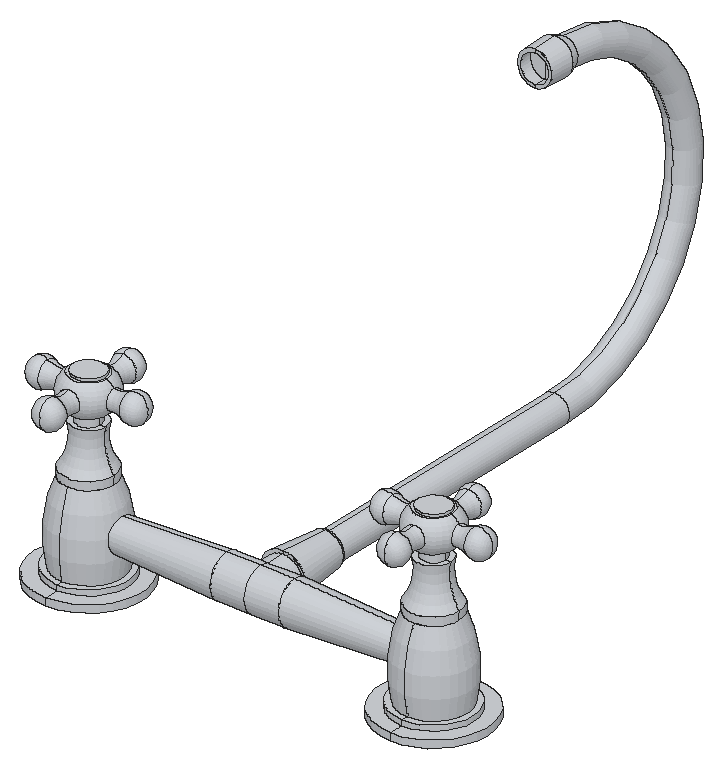
Revit family "01-0832-11-MEZCLADOR LAVAPLATOS PARED 8” ARCO CALIMA", category Plumbing Fixtures, host Face, Revit 2018
Family settings
  Host = Face
  Round Connector Dimension = Use Diameter
  Part Type = Normal
  OmniClass Number = 23.31.11.00
  Cut with Voids When Loaded = No
  Shared = No
  Room Calculation Point = No
Parameters (values of type "01-0832-11")
  Waste Water Outlet = ""
  Plastico - ABS Cromado = Plastico - ABS Cromado
  Metal Zamak Cromado = Metal Zamak Cromado
  Metal Laton Cromado = Metal Laton Cromado
  Link Ficha Tecnica = "http://infotecnica.gricol.com/FT_01083211.pdf"
  Waste Connection = 1 = 0  # no
  Vent Connection = 1 = 0  # no
  URL = "https://www.gricol.com/"
  Type Image = MEZCLADOR LAVAPLATOS PARED 8” ARCO CALIMA.JPG
  Product Name = "MEZCLADOR LAVAPLATOS PARED 8” ARCO CALIMA"  # constant formula
  Model = "01-0832-11"  # constant formula
  Manufacturer = "Gricol"  # constant formula
  HW Connection = 1 = 1  # yes
  Eje-Aireador = 186.40 mm
  Eje - (roscas) = 203.20 mm
  Description = "Bimando"  # constant formula
  Default Elevation = 0.00 mm
  Date Modified = ""
  Date Created = "05/28/2020"  # constant formula
  Copyright = "All rights reserved © Gricol - 2020."  # constant formula
  CW Connection = 1 = 1  # yes
  Assembly Code = ""
  Ancho manija = 69.00 mm
  Alto - aireador = 201.70 mm
  Alto = 320.50 mm
Reference planes
  plane 1 "Center (Front/Back)": y = -13.681
  plane 2: z = 0
  plane 3 "Center (Left/Right)": x = 0
  plane 4: z = 109.404
  plane 5: z = 30.648
  plane 6: x = -101.6
  plane 7: x = 101.6
  plane 8: x = 136.1
  plane 9: x = 67.1
  plane 10: y = 188.019
  plane 11: y = 306.819
  plane 12: z = 217.048
Forms (mm)
  Extrusion 1, solid
    sketch origin (2.5, 0, 0) x (1, 0, 0) y (0, 1, 0)
      loop
        circle (99.1, -13.681) r 6.35
      loop
        circle (-104.1, -13.681) r 6.35
    from 0 to -5
Dimensions and locks
  plane 6 to plane 7 = 203.20 mm
  "Ancho manija": plane 8 to plane 9
  "Eje - (roscas)": plane 7 to plane 6
  plane 9 to plane 8 = 69.00 mm
  "Alto - aireador": plane 10 to plane 1 "Center (Front/Back)"
  "Alto": plane 11 to plane 1 "Center (Front/Back)"
  "Eje-Aireador": plane 12 to plane 5
  aligned and locked: plane 2 to host face
  aligned and locked: level to host face
Automatic sketch dimensions
  host sketch curve to host sketch curve = 402.379 mm
  host sketch curve to host sketch curve = 504.765 mm
  plane 1 "Center (Front/Back)" to Extrusion 1 sketch curve = 0.00 mm  (x2)
  plane 6 to Extrusion 1 sketch curve = 0.00 mm
  plane 7 to Extrusion 1 sketch curve = 0.00 mm
  radius of Extrusion 1 sketch curve = 6.35 mm  (x2)
Nested families
  nested 1: "MEZCLADOR LAVAPLATOS PARED 8” ARCO CALIMA" at (0, -13.681, 0), type "MEZCLADOR MESA 8 ARCO CALIMA"
Connectors
  piping at (101.6, -13.681, -5), diameter 12.7
    settings: on Extrusion 1, index 1, connector inside diameter 24", connector length 0.00 mm, flow factor 0, pipe flow 0 GPM, pressure drop 0.00 psi, fitting loss kfactor 0, connector angle 0.00°, fixture units 0, engagement length 0.00 mm, angle of deflection 0.00°, flow configuration 0, flow direction 0, fitting loss method 0, system type 20, joint type 0, gender type 0, connector reference index -1, connector utility 0, adjustable connector no, is connector primary yes, connector description ""
  piping at (-101.6, -13.681, -5), diameter 12.7
    settings: on Extrusion 1, index 2, connector inside diameter 24", connector length 0.00 mm, flow factor 0, pipe flow 0 GPM, pressure drop 0.00 psi, fitting loss kfactor 0, connector angle 0.00°, fixture units 0, engagement length 0.00 mm, angle of deflection 0.00°, flow configuration 0, flow direction 0, fitting loss method 0, system type 19, joint type 0, gender type 0, connector reference index -1, connector utility 0, adjustable connector no, is connector primary no, connector description ""
Definition of nested family "MEZCLADOR LAVAPLATOS PARED 8” ARCO CALIMA"
  Parameters (values of type "MEZCLADOR LAVAPLATOS PARED 8” ARCO CALIMA")
    Plastico - ABS Cromado = none
    Metal Zamak Cromado = none
    Metal Laton Cromado = none
  Reference planes
    plane 1 "Center (Front/Back)": y = 0
    plane 2: z = 0
    plane 3 "Center (Left/Right)": x = 0
    plane 4 "Manija 1": x = 101.6
    plane 5 "Manija 2": x = -101.6
    plane 6: x = -136.6
    plane 7: x = -66.6
    plane 8: x = 131.6
    plane 9: x = 71.083
    plane 10: x = 89.643
    plane 11: x = 29.126
    plane 12: x = -131.6
    plane 13: x = -71.083
    plane 14: x = 136.1
    plane 15: x = 67.1
    plane 16: z = 217.048
    plane 17: y = 201.7
    plane 18: y = 320.5
    plane 19: z = 30.648
  Forms (mm)
    Revolve 1, solid, material <- "Metal Laton Cromado"
      sketch origin (0, -17.995, 30.648) x (0, 0, -1) y (0, 1, 0)
        loop
          line (0, 67.06) -> (-8.649, 67.06)
          arc (-8.649, 67.06) -> (-9.796, 66.544) -> (-10.169, 65.343) r 1.531
          spline (-10.169, 65.343) -> (-10.244, 61.427) -> (-10.447, 57.852) -> (-10.752, 54.587) -> (-11.13, 51.601) -> (-11.551, 48.861) -> (-11.989, 46.336) -> (-12.413, 43.995) -> (-12.796, 41.806) -> (-13.109, 39.738) -> (-13.324, 37.759) -> (-13.413, 35.837) -> (-13.345, 33.942)
          line (-13.345, 33.942) -> (-11.453, 33.942) -> (-11.453, 21.015) -> (0, 21.015) -> (0, 67.06)
        axis (0, 67.06) -> (0, 21.015)
      angle from 0 to 360
    Revolve 2, solid, material <- "Plastico - ABS Cromado"
      sketch origin (41.957, 0, 26.001) x (1, 0, 0) y (0, 0, 1)
        loop
          line (66.436, 57.92) -> (66.436, 64.602) -> (59.643, 64.602) -> (59.643, 29.179) -> (74.643, 29.179) -> (74.643, 33.889)
          arc (74.643, 33.889) -> (69.488, 45.352) -> (69.666, 57.92) r 29.013
          line (69.666, 57.92) -> (66.436, 57.92)
        axis (59.643, 29.179) -> (59.643, 64.602)
      angle from 0 to 360
    Revolve 3, solid, material <- "Plastico - ABS Cromado", not visible
      sketch origin (0, 0, 38.64) x (1, 0, 0) y (0, 0, 1)
        loop
          line (66.436, 57.92) -> (66.436, 64.602) -> (59.643, 64.602) -> (59.643, 29.179) -> (74.643, 29.179) -> (74.643, 33.889)
          arc (74.643, 33.889) -> (69.488, 45.352) -> (69.666, 57.92) r 29.013
          line (69.666, 57.92) -> (66.436, 57.92)
        axis (59.643, 29.179) -> (59.643, 64.602)
      angle from 0 to 360
    Sweep 4, solid, material <- "Metal Laton Cromado"
      path origin (0, -4.245, 30.648) x (0, 0, 1) y (0, -1, 0)
        loop
          line (0, -53.29) -> (0, -220)
          arc (0, -220) -> (89.819, -315.593) -> (185.782, -226.168) r 92.943
      profile origin (0, 132.4, 30.648) x (0, 0, 1) y (1, 0, 0)
        loop
          circle (0, 0) r 8.488
    Revolve 5, solid, material <- "Metal Laton Cromado"
      sketch origin (0, -37.148, 95.085) x (0, 0.017832, 0.999841) y (0, -0.999841, 0.017832)
        loop
          line (117.359, -256.866) -> (125.945, -256.866) -> (125.945, -244.05) -> (117.304, -243.643) -> (117.656, -236.178) -> (115.864, -236.178) -> (115.168, -250.942) -> (117.359, -256.866)
        axis (125.945, -236.178) -> (125.945, -256.866)
      angle from 0 to 360
    Revolve 6, solid, material <- "Metal Laton Cromado"
      sketch origin (101.6, 0, 0) x (0, 1, 0) y (0, 0, 1)
        loop
          line (15, 55.18) -> (0, 55.18) -> (0, 0) -> (31.619, 0) -> (31.619, 4.365) -> (23.211, 4.365) -> (23.211, 7.47) -> (19.424, 7.47)
          arc (19.424, 7.47) -> (21.037, 31.679) -> (15, 55.18) r 76.625
        axis (0, 0) -> (0, 55.18)
      angle from 0 to 360
    Revolve 7, solid, material <- "Metal Laton Cromado"
      sketch origin (0, 0, 0) x (1, 0, 0) y (0, 0, 1)
        loop
          line (0, 43.148) -> (-20, 43.148)
          arc (-20, 43.148) -> (-53.762, 42.369) -> (-87.453, 40.034) r 732.085
          line (-87.453, 40.034) -> (-87.453, 30.648) -> (87.453, 30.648) -> (87.453, 40.034)
          arc (87.453, 40.034) -> (53.762, 42.369) -> (20, 43.148) r 732.085
          line (20, 43.148) -> (0, 43.148)
        axis (87.453, 30.648) -> (-87.453, 30.648)
      angle from 0 to 360
    Revolve 8, solid, material <- "Plastico - ABS Cromado"
      sketch origin (-41.957, 0, 26.001) x (-1, 0, 0) y (0, 0, 1)
        loop
          line (66.436, 57.92) -> (66.436, 64.602) -> (59.643, 64.602) -> (59.643, 29.179) -> (74.643, 29.179) -> (74.643, 33.889)
          arc (74.643, 33.889) -> (69.488, 45.352) -> (69.666, 57.92) r 29.013
          line (69.666, 57.92) -> (66.436, 57.92)
        axis (59.643, 29.179) -> (59.643, 64.602)
      angle from 0 to 360
    Revolve 9, solid, material <- "Metal Laton Cromado"
      sketch origin (-101.6, 0, 0) x (0, 1, 0) y (0, 0, -1)
        loop
          arc (15, -55.18) -> (21.037, -31.679) -> (19.424, -7.47) r 76.625
          line (19.424, -7.47) -> (23.211, -7.47) -> (23.211, -4.365) -> (31.619, -4.365) -> (31.619, 0) -> (0, 0) -> (0, -55.18) -> (15, -55.18)
        axis (0, 0) -> (0, -55.18)
      angle from 0 to 360
    Extrusion 10, solid, material <- "Metal Laton Cromado"
      sketch origin (99.468, -0.857, 26.938) x (0, -1, 0) y (1, 0, 0)
        loop
          circle (-0.855, 2.121) r 9.136
      from 63.665 to 83.75
    Revolve 11, solid, material <- "Metal Zamak Cromado"
      sketch origin (101.588, -0.002, 26.938) x (1, 0, 0) y (0, 0, 1)
        loop
          line (-9.246, 82.665) -> (-10.84, 82.665)
          arc (-10.84, 82.665) -> (-15.864, 73.165) -> (-10.84, 63.665) r 11.494
          line (-10.84, 63.665) -> (-9.246, 63.665) -> (-9.246, 82.665)
        axis (0, 63.665) -> (0, 82.665)
      angle from 0 to 360
    Revolve 12, solid, material <- "Metal Zamak Cromado"
      sketch origin (-112.434, -0.002, 1239.978) x (-1, 0, 0) y (0, 0, -1)
        loop
          line (-204.706, 1139.875) -> (-204.706, 1132.465)
          arc (-204.706, 1132.465) -> (-197.353, 1134.38) -> (-190.002, 1132.456) r 15.043
          arc (-190.002, 1132.456) -> (-182.428, 1132.858) -> (-179.551, 1139.875) r 7.09
          line (-179.551, 1139.875) -> (-204.706, 1139.875)
        axis (-204.706, 1139.875) -> (-179.551, 1139.875)
      angle from 0 to 360
    Revolve 13, solid, material <- "Metal Zamak Cromado"
      sketch origin (315.454, -0.002, 1239.978) x (1, 0, 0) y (0, 0, -1)
        loop
          line (-204.706, 1139.875) -> (-204.706, 1132.465)
          arc (-204.706, 1132.465) -> (-197.353, 1134.38) -> (-190.002, 1132.456) r 15.043
          arc (-190.002, 1132.456) -> (-182.428, 1132.858) -> (-179.551, 1139.875) r 7.09
          line (-179.551, 1139.875) -> (-204.706, 1139.875)
        axis (-204.706, 1139.875) -> (-179.551, 1139.875)
      angle from 0 to 360
    Revolve 14, solid, material <- "Metal Zamak Cromado"
      sketch origin (101.588, -215.587, 1239.978) x (0, -1, 0) y (0, 0, -1)
        loop
          line (-204.706, 1139.875) -> (-204.706, 1132.465)
          arc (-204.706, 1132.465) -> (-197.353, 1134.38) -> (-190.002, 1132.456) r 15.043
          arc (-190.002, 1132.456) -> (-182.428, 1132.858) -> (-179.551, 1139.875) r 7.09
          line (-179.551, 1139.875) -> (-204.706, 1139.875)
        axis (-204.706, 1139.875) -> (-179.551, 1139.875)
      angle from 0 to 360
    Revolve 15, solid, material <- "Metal Zamak Cromado"
      sketch origin (101.588, 215.583, 1239.978) x (0, 1, 0) y (0, 0, -1)
        loop
          line (-204.706, 1139.875) -> (-204.706, 1132.465)
          arc (-204.706, 1132.465) -> (-197.353, 1134.38) -> (-190.002, 1132.456) r 15.043
          arc (-190.002, 1132.456) -> (-182.428, 1132.858) -> (-179.551, 1139.875) r 7.09
          line (-179.551, 1139.875) -> (-204.706, 1139.875)
        axis (-204.706, 1139.875) -> (-179.551, 1139.875)
      angle from 0 to 360
    Extrusion 16, solid, material <- "Metal Laton Cromado", not visible
      sketch origin (57.511, -0.857, 39.577) x (0, -1, 0) y (1, 0, 0)
        loop
          circle (-0.855, 2.121) r 9.136
      from 63.665 to 83.75
    Revolve 17, solid, material <- "Metal Zamak Cromado", not visible
      sketch origin (59.631, -0.002, 39.577) x (1, 0, 0) y (0, 0, 1)
        loop
          line (-9.246, 82.665) -> (-10.84, 82.665)
          arc (-10.84, 82.665) -> (-15.864, 73.165) -> (-10.84, 63.665) r 11.494
          line (-10.84, 63.665) -> (-9.246, 63.665) -> (-9.246, 82.665)
        axis (0, 63.665) -> (0, 82.665)
      angle from 0 to 360
    Revolve 18, solid, material <- "Metal Zamak Cromado", not visible
      sketch origin (-154.391, -0.002, 1252.617) x (-1, 0, 0) y (0, 0, -1)
        loop
          line (-204.706, 1139.875) -> (-204.706, 1132.465)
          arc (-204.706, 1132.465) -> (-197.353, 1134.38) -> (-190.002, 1132.456) r 15.043
          arc (-190.002, 1132.456) -> (-182.428, 1132.858) -> (-179.551, 1139.875) r 7.09
          line (-179.551, 1139.875) -> (-204.706, 1139.875)
        axis (-204.706, 1139.875) -> (-179.551, 1139.875)
      angle from 0 to 360
    Revolve 19, solid, material <- "Metal Zamak Cromado", not visible
      sketch origin (273.498, -0.002, 1252.617) x (1, 0, 0) y (0, 0, -1)
        loop
          line (-204.706, 1139.875) -> (-204.706, 1132.465)
          arc (-204.706, 1132.465) -> (-197.353, 1134.38) -> (-190.002, 1132.456) r 15.043
          arc (-190.002, 1132.456) -> (-182.428, 1132.858) -> (-179.551, 1139.875) r 7.09
          line (-179.551, 1139.875) -> (-204.706, 1139.875)
        axis (-204.706, 1139.875) -> (-179.551, 1139.875)
      angle from 0 to 360
    Revolve 20, solid, material <- "Metal Zamak Cromado", not visible
      sketch origin (59.631, -215.587, 1252.617) x (0, -1, 0) y (0, 0, -1)
        loop
          line (-204.706, 1139.875) -> (-204.706, 1132.465)
          arc (-204.706, 1132.465) -> (-197.353, 1134.38) -> (-190.002, 1132.456) r 15.043
          arc (-190.002, 1132.456) -> (-182.428, 1132.858) -> (-179.551, 1139.875) r 7.09
          line (-179.551, 1139.875) -> (-204.706, 1139.875)
        axis (-204.706, 1139.875) -> (-179.551, 1139.875)
      angle from 0 to 360
    Revolve 21, solid, material <- "Metal Zamak Cromado", not visible
      sketch origin (59.631, 215.583, 1252.617) x (0, 1, 0) y (0, 0, -1)
        loop
          line (-204.706, 1139.875) -> (-204.706, 1132.465)
          arc (-204.706, 1132.465) -> (-197.353, 1134.38) -> (-190.002, 1132.456) r 15.043
          arc (-190.002, 1132.456) -> (-182.428, 1132.858) -> (-179.551, 1139.875) r 7.09
          line (-179.551, 1139.875) -> (-204.706, 1139.875)
        axis (-204.706, 1139.875) -> (-179.551, 1139.875)
      angle from 0 to 360
    Extrusion 22, solid, material <- "Metal Laton Cromado"
      sketch origin (-99.468, 0.857, 26.938) x (0, 1, 0) y (-1, 0, 0)
        loop
          circle (-0.859, 2.121) r 9.136
      from 63.665 to 83.75
    Revolve 23, solid, material <- "Metal Zamak Cromado"
      sketch origin (-101.588, 0.002, 26.938) x (-1, 0, 0) y (0, 0, 1)
        loop
          line (-9.246, 82.665) -> (-10.84, 82.665)
          arc (-10.84, 82.665) -> (-15.864, 73.165) -> (-10.84, 63.665) r 11.494
          line (-10.84, 63.665) -> (-9.246, 63.665) -> (-9.246, 82.665)
        axis (0, 63.665) -> (0, 82.665)
      angle from 0 to 360
    Revolve 24, solid, material <- "Metal Zamak Cromado"
      sketch origin (112.434, 0.002, 1239.978) x (1, 0, 0) y (0, 0, -1)
        loop
          line (-204.706, 1139.875) -> (-204.706, 1132.465)
          arc (-204.706, 1132.465) -> (-197.353, 1134.38) -> (-190.002, 1132.456) r 15.043
          arc (-190.002, 1132.456) -> (-182.428, 1132.858) -> (-179.551, 1139.875) r 7.09
          line (-179.551, 1139.875) -> (-204.706, 1139.875)
        axis (-204.706, 1139.875) -> (-179.551, 1139.875)
      angle from 0 to 360
    Revolve 25, solid, material <- "Metal Zamak Cromado"
      sketch origin (-315.454, 0.002, 1239.978) x (-1, 0, 0) y (0, 0, -1)
        loop
          line (-204.706, 1139.875) -> (-204.706, 1132.465)
          arc (-204.706, 1132.465) -> (-197.353, 1134.38) -> (-190.002, 1132.456) r 15.043
          arc (-190.002, 1132.456) -> (-182.428, 1132.858) -> (-179.551, 1139.875) r 7.09
          line (-179.551, 1139.875) -> (-204.706, 1139.875)
        axis (-204.706, 1139.875) -> (-179.551, 1139.875)
      angle from 0 to 360
    Revolve 26, solid, material <- "Metal Zamak Cromado"
      sketch origin (-101.588, 215.587, 1239.978) x (0, 1, 0) y (0, 0, -1)
        loop
          line (-226.467, 1139.875) -> (-251.623, 1139.875)
          arc (-251.623, 1139.875) -> (-248.746, 1132.858) -> (-241.172, 1132.456) r 7.09
          arc (-241.172, 1132.456) -> (-233.821, 1134.38) -> (-226.467, 1132.465) r 15.043
          line (-226.467, 1132.465) -> (-226.467, 1139.875)
        axis (-226.467, 1139.875) -> (-251.623, 1139.875)
      angle from 0 to 360
    Revolve 27, solid, material <- "Metal Zamak Cromado"
      sketch origin (-101.588, -215.583, 1239.978) x (0, -1, 0) y (0, 0, -1)
        loop
          line (-226.46, 1139.875) -> (-251.615, 1139.875)
          arc (-251.615, 1139.875) -> (-248.738, 1132.858) -> (-241.165, 1132.456) r 7.09
          arc (-241.165, 1132.456) -> (-233.813, 1134.38) -> (-226.46, 1132.465) r 15.043
          line (-226.46, 1132.465) -> (-226.46, 1139.875)
        axis (-226.46, 1139.875) -> (-251.615, 1139.875)
      angle from 0 to 360
  Lines and regions (mm)
    model lines
      curve 1: line (0, -9.386, 30.648) -> (0, 90.614, 30.648)
  Dimensions and locks
    plane 4 "Manija 1" to plane 5 "Manija 2" = 203.20 mm
    equal spacing: plane 4 "Manija 1", plane 3 "Center (Left/Right)", plane 5 "Manija 2"
    locked: plane 7 to plane 6 at 70
    plane 8 to Revolve 2 sketch curve = 30.00 mm
    plane 10 to Revolve 3 sketch curve = 30.00 mm
    plane 12 to Revolve 8 sketch curve = 30.00 mm
    plane 4 "Manija 1" to plane 15 = 34.50 mm
    plane 14 to plane 4 "Manija 1" = 34.50 mm
    plane 17 to plane 1 "Center (Front/Back)" = 201.70 mm
    plane 18 to plane 1 "Center (Front/Back)" = 320.50 mm
    plane 16 to level = 217.048 mm
    plane 16 to plane 19 = 186.40 mm
    aligned and locked: plane 2 to level
  Automatic sketch dimensions
    Revolve 2 sketch curve to plane 8 = 15.00 mm
    Revolve 2 sketch curve to Revolve 2 sketch curve = 6.792 mm
    plane 8 to Revolve 2 sketch curve = 8.255 mm
    Revolve 2 sketch curve to Revolve 2 sketch curve = 22.058 mm
    Revolve 2 sketch curve to Revolve 2 sketch curve = 6.681 mm
    Revolve 2 sketch curve to Revolve 2 sketch curve = 3.23 mm
    Revolve 2 sketch curve to Revolve 2 sketch curve = 4.71 mm
    Revolve 2 sketch curve to Revolve 2 sketch curve = 4.447 mm
    Revolve 2 sketch curve to Revolve 2 sketch curve = 20.553 mm
    Revolve 2 sketch curve to Revolve 2 sketch curve = 15.00 mm
    Revolve 3 sketch curve to plane 10 = 15.00 mm
    Revolve 3 sketch curve to Revolve 3 sketch curve = 6.792 mm
    plane 10 to Revolve 3 sketch curve = 8.255 mm
    Revolve 3 sketch curve to Revolve 3 sketch curve = 22.058 mm
    Revolve 3 sketch curve to Revolve 3 sketch curve = 6.681 mm
    Revolve 3 sketch curve to Revolve 3 sketch curve = 3.23 mm
    Revolve 3 sketch curve to Revolve 3 sketch curve = 4.71 mm
    Revolve 3 sketch curve to Revolve 3 sketch curve = 4.447 mm
    Revolve 3 sketch curve to Revolve 3 sketch curve = 20.553 mm
    Revolve 3 sketch curve to Revolve 3 sketch curve = 15.00 mm
    Revolve 8 sketch curve to plane 12 = 15.00 mm
    Revolve 8 sketch curve to Revolve 8 sketch curve = 6.792 mm
    plane 12 to Revolve 8 sketch curve = 8.255 mm
    Revolve 8 sketch curve to Revolve 8 sketch curve = 22.058 mm
    Revolve 8 sketch curve to Revolve 8 sketch curve = 6.681 mm
    Revolve 8 sketch curve to Revolve 8 sketch curve = 3.23 mm
    Revolve 8 sketch curve to Revolve 8 sketch curve = 4.71 mm
    Revolve 8 sketch curve to Revolve 8 sketch curve = 4.447 mm
    Revolve 8 sketch curve to Revolve 8 sketch curve = 20.553 mm
    Revolve 8 sketch curve to Revolve 8 sketch curve = 15.00 mm
    Revolve 6 sketch curve to plane 1 "Center (Front/Back)" = 0.00 mm  (x2)
    Revolve 6 sketch curve to level = 0.00 mm
    level to Revolve 6 sketch curve = 24.605 mm
    plane 1 "Center (Front/Back)" to Revolve 6 sketch curve = 55.261 mm
    Revolve 6 sketch curve to Revolve 6 sketch curve = 15.00 mm
    level to Revolve 6 sketch curve = 7.47 mm
    Revolve 6 sketch curve to plane 1 "Center (Front/Back)" = 19.424 mm
    Revolve 6 sketch curve to Revolve 6 sketch curve = 3.787 mm
    Revolve 6 sketch curve to Revolve 6 sketch curve = 8.409 mm
    Revolve 6 sketch curve to Revolve 6 sketch curve = 4.365 mm
    Revolve 6 sketch curve to Revolve 6 sketch curve = 27.59 mm
    Revolve 7 sketch curve to plane 3 "Center (Left/Right)" = 0.00 mm
    Revolve 7 sketch curve to plane 4 "Manija 1" = 0.00 mm
    Revolve 7 sketch curve to Revolve 7 sketch curve = 20.00 mm
    plane 5 "Manija 2" to Revolve 7 sketch curve = 14.147 mm
    plane 3 "Center (Left/Right)" to Revolve 7 sketch curve = 20.00 mm
    Revolve 7 sketch curve to plane 4 "Manija 1" = 14.147 mm
    Revolve 7 sketch curve to Revolve 7 sketch curve = 0.00 mm
    level to Revolve 7 sketch curve = 30.648 mm
    Revolve 7 sketch curve to Revolve 7 sketch curve = 9.386 mm
    Revolve 7 sketch curve to Revolve 7 sketch curve = 1.60 mm
    Revolve 7 sketch curve to Revolve 7 sketch curve = 12.50 mm
    Revolve 9 sketch curve to plane 1 "Center (Front/Back)" = 0.00 mm  (x2)
    Revolve 9 sketch curve to level = 0.00 mm
    level to Revolve 9 sketch curve = 24.605 mm
    plane 1 "Center (Front/Back)" to Revolve 9 sketch curve = 55.261 mm
    Revolve 9 sketch curve to Revolve 9 sketch curve = 15.00 mm
    level to Revolve 9 sketch curve = 7.47 mm
    Revolve 9 sketch curve to plane 1 "Center (Front/Back)" = 19.424 mm
    Revolve 9 sketch curve to Revolve 9 sketch curve = 3.787 mm
    Revolve 9 sketch curve to Revolve 9 sketch curve = 8.409 mm
    Revolve 9 sketch curve to Revolve 9 sketch curve = 3.105 mm
    Revolve 9 sketch curve to Revolve 9 sketch curve = 27.59 mm
    Revolve 11 sketch curve to Revolve 11 sketch curve = 1.593 mm  (x2)
    Revolve 11 sketch curve to Revolve 11 sketch curve = 0.00 mm  (x4)
    Revolve 11 sketch curve to Revolve 11 sketch curve = 2.335 mm  (x2)
    Revolve 12 sketch curve to Revolve 12 sketch curve = 7.344 mm  (x2)
    Revolve 12 sketch curve to Revolve 12 sketch curve = 18.174 mm  (x2)
    Revolve 12 sketch curve to Revolve 12 sketch curve = 6.981 mm  (x2)
    Revolve 12 sketch curve to Revolve 12 sketch curve = 13.128 mm  (x2)
    Revolve 12 sketch curve to Revolve 12 sketch curve = 7.41 mm  (x2)
    Revolve 12 sketch curve to Revolve 12 sketch curve = 3.081 mm  (x2)
    Revolve 12 sketch curve to Revolve 12 sketch curve = 3.17 mm  (x2)
    Revolve 12 sketch curve to Revolve 12 sketch curve = 0.00 mm  (x2)
    Revolve 13 sketch curve to Revolve 13 sketch curve = 7.344 mm  (x2)
    Revolve 13 sketch curve to Revolve 13 sketch curve = 18.174 mm  (x2)
    Revolve 13 sketch curve to Revolve 13 sketch curve = 6.981 mm  (x2)
    Revolve 13 sketch curve to Revolve 13 sketch curve = 13.128 mm  (x2)
    Revolve 13 sketch curve to Revolve 13 sketch curve = 7.41 mm  (x2)
    Revolve 13 sketch curve to Revolve 13 sketch curve = 3.081 mm  (x2)
    Revolve 13 sketch curve to Revolve 13 sketch curve = 3.17 mm  (x2)
    Revolve 13 sketch curve to Revolve 13 sketch curve = 0.00 mm  (x2)
    Revolve 14 sketch curve to Revolve 14 sketch curve = 7.344 mm  (x2)
    Revolve 14 sketch curve to Revolve 14 sketch curve = 18.174 mm
    Revolve 14 sketch curve to Revolve 14 sketch curve = 6.981 mm  (x2)
    Revolve 14 sketch curve to Revolve 14 sketch curve = 13.128 mm  (x2)
    Revolve 14 sketch curve to Revolve 14 sketch curve = 7.41 mm  (x2)
    Revolve 14 sketch curve to Revolve 14 sketch curve = 3.081 mm  (x2)
    Revolve 14 sketch curve to Revolve 14 sketch curve = 3.17 mm  (x2)
    Revolve 14 sketch curve to Revolve 14 sketch curve = 0.00 mm  (x2)
    Revolve 15 sketch curve to Revolve 15 sketch curve = 7.344 mm  (x2)
    Revolve 15 sketch curve to Revolve 15 sketch curve = 18.174 mm
    Revolve 15 sketch curve to Revolve 15 sketch curve = 6.981 mm  (x2)
    Revolve 15 sketch curve to Revolve 15 sketch curve = 13.128 mm  (x2)
    Revolve 15 sketch curve to Revolve 15 sketch curve = 7.41 mm  (x2)
    Revolve 15 sketch curve to Revolve 15 sketch curve = 3.081 mm  (x2)
    Revolve 15 sketch curve to Revolve 15 sketch curve = 3.17 mm  (x2)
    Revolve 15 sketch curve to Revolve 15 sketch curve = 0.00 mm  (x2)
    Revolve 14 sketch curve to Revolve 14 sketch curve = 1.236 mm
    Revolve 13 sketch curve to Revolve 13 sketch curve = 1.236 mm
    Revolve 11 sketch curve to Revolve 11 sketch curve = 4.876 mm  (x2)
    Revolve 11 sketch curve to Revolve 11 sketch curve = 9.50 mm  (x2)
    Revolve 11 sketch curve to Revolve 11 sketch curve = 4.37 mm  (x2)
    Revolve 12 sketch curve to Revolve 12 sketch curve = 1.236 mm
    Revolve 15 sketch curve to Revolve 15 sketch curve = 1.236 mm
    Revolve 23 sketch curve to Revolve 23 sketch curve = 0.00 mm  (x2)
    Revolve 23 sketch curve to Revolve 23 sketch curve = 1.593 mm
    Revolve 23 sketch curve to Revolve 23 sketch curve = 4.876 mm
    Revolve 23 sketch curve to Revolve 23 sketch curve = 9.50 mm
    Revolve 23 sketch curve to Revolve 23 sketch curve = 4.37 mm
    Revolve 23 sketch curve to Revolve 23 sketch curve = 2.335 mm
    Revolve 24 sketch curve to Revolve 24 sketch curve = 7.344 mm
    Revolve 24 sketch curve to Revolve 24 sketch curve = 18.174 mm
    Revolve 24 sketch curve to Revolve 24 sketch curve = 6.981 mm
    Revolve 24 sketch curve to Revolve 24 sketch curve = 13.128 mm
    Revolve 24 sketch curve to Revolve 24 sketch curve = 6.174 mm
    Revolve 24 sketch curve to Revolve 24 sketch curve = 7.41 mm
    Revolve 24 sketch curve to Revolve 24 sketch curve = 3.081 mm
    Revolve 24 sketch curve to Revolve 24 sketch curve = 3.17 mm
    Revolve 24 sketch curve to Revolve 24 sketch curve = 0.00 mm
    Revolve 25 sketch curve to Revolve 25 sketch curve = 7.344 mm
    Revolve 25 sketch curve to Revolve 25 sketch curve = 18.174 mm
    Revolve 25 sketch curve to Revolve 25 sketch curve = 6.981 mm
    Revolve 25 sketch curve to Revolve 25 sketch curve = 13.128 mm
    Revolve 25 sketch curve to Revolve 25 sketch curve = 6.174 mm
    Revolve 25 sketch curve to Revolve 25 sketch curve = 7.41 mm
    Revolve 25 sketch curve to Revolve 25 sketch curve = 3.081 mm
    Revolve 25 sketch curve to Revolve 25 sketch curve = 3.17 mm
    Revolve 25 sketch curve to Revolve 25 sketch curve = 0.00 mm
    Revolve 26 sketch curve to Revolve 26 sketch curve = 6.981 mm
    Revolve 26 sketch curve to Revolve 26 sketch curve = 10.83 mm
    Revolve 26 sketch curve to Revolve 26 sketch curve = 7.344 mm
    Revolve 26 sketch curve to Revolve 26 sketch curve = 13.128 mm
    Revolve 26 sketch curve to Revolve 26 sketch curve = 6.174 mm
    Revolve 26 sketch curve to Revolve 26 sketch curve = 7.41 mm
    Revolve 26 sketch curve to Revolve 26 sketch curve = 3.17 mm
    Revolve 26 sketch curve to Revolve 26 sketch curve = 3.081 mm
    Revolve 26 sketch curve to Revolve 26 sketch curve = 0.00 mm
    Revolve 27 sketch curve to Revolve 27 sketch curve = 6.981 mm
    Revolve 27 sketch curve to Revolve 27 sketch curve = 10.83 mm
    Revolve 27 sketch curve to Revolve 27 sketch curve = 7.344 mm
    Revolve 27 sketch curve to Revolve 27 sketch curve = 13.128 mm
    Revolve 27 sketch curve to Revolve 27 sketch curve = 6.174 mm
    Revolve 27 sketch curve to Revolve 27 sketch curve = 7.41 mm
    Revolve 27 sketch curve to Revolve 27 sketch curve = 3.17 mm
    Revolve 27 sketch curve to Revolve 27 sketch curve = 3.081 mm
    Revolve 27 sketch curve to Revolve 27 sketch curve = 0.00 mm
    Revolve 12 sketch curve to Revolve 12 sketch curve = 6.174 mm
    Revolve 13 sketch curve to Revolve 13 sketch curve = 6.174 mm
    Revolve 14 sketch curve to Revolve 14 sketch curve = 10.83 mm
    Revolve 14 sketch curve to Revolve 14 sketch curve = 6.174 mm
    Revolve 15 sketch curve to Revolve 15 sketch curve = 10.83 mm
    Revolve 15 sketch curve to Revolve 15 sketch curve = 6.174 mm
    Revolve 17 sketch curve to Revolve 17 sketch curve = 0.00 mm  (x2)
    Revolve 17 sketch curve to Revolve 17 sketch curve = 1.593 mm
    Revolve 17 sketch curve to Revolve 17 sketch curve = 4.876 mm
    Revolve 17 sketch curve to Revolve 17 sketch curve = 9.50 mm
    Revolve 17 sketch curve to Revolve 17 sketch curve = 4.37 mm
    Revolve 17 sketch curve to Revolve 17 sketch curve = 2.335 mm
    Revolve 18 sketch curve to Revolve 18 sketch curve = 7.344 mm
    Revolve 18 sketch curve to Revolve 18 sketch curve = 18.174 mm
    Revolve 18 sketch curve to Revolve 18 sketch curve = 6.981 mm
    Revolve 18 sketch curve to Revolve 18 sketch curve = 13.128 mm
    Revolve 18 sketch curve to Revolve 18 sketch curve = 6.174 mm
    Revolve 18 sketch curve to Revolve 18 sketch curve = 7.41 mm
    Revolve 18 sketch curve to Revolve 18 sketch curve = 3.081 mm
    Revolve 18 sketch curve to Revolve 18 sketch curve = 3.17 mm
    Revolve 18 sketch curve to Revolve 18 sketch curve = 0.00 mm
    Revolve 19 sketch curve to Revolve 19 sketch curve = 7.344 mm
    Revolve 19 sketch curve to Revolve 19 sketch curve = 18.174 mm
    Revolve 19 sketch curve to Revolve 19 sketch curve = 6.981 mm
    Revolve 19 sketch curve to Revolve 19 sketch curve = 13.128 mm
    Revolve 19 sketch curve to Revolve 19 sketch curve = 6.174 mm
    Revolve 19 sketch curve to Revolve 19 sketch curve = 7.41 mm
    Revolve 19 sketch curve to Revolve 19 sketch curve = 3.081 mm
    Revolve 19 sketch curve to Revolve 19 sketch curve = 3.17 mm
    Revolve 19 sketch curve to Revolve 19 sketch curve = 0.00 mm
    Revolve 20 sketch curve to Revolve 20 sketch curve = 6.981 mm
    Revolve 20 sketch curve to Revolve 20 sketch curve = 10.83 mm
    Revolve 20 sketch curve to Revolve 20 sketch curve = 7.344 mm
    Revolve 20 sketch curve to Revolve 20 sketch curve = 13.128 mm
    Revolve 20 sketch curve to Revolve 20 sketch curve = 6.174 mm
    Revolve 20 sketch curve to Revolve 20 sketch curve = 7.41 mm
    Revolve 20 sketch curve to Revolve 20 sketch curve = 3.17 mm
    Revolve 20 sketch curve to Revolve 20 sketch curve = 3.081 mm
    Revolve 20 sketch curve to Revolve 20 sketch curve = 0.00 mm
    Revolve 21 sketch curve to Revolve 21 sketch curve = 6.981 mm
    Revolve 21 sketch curve to Revolve 21 sketch curve = 10.83 mm
    Revolve 21 sketch curve to Revolve 21 sketch curve = 7.344 mm
    Revolve 21 sketch curve to Revolve 21 sketch curve = 13.128 mm
    Revolve 21 sketch curve to Revolve 21 sketch curve = 6.174 mm
    Revolve 21 sketch curve to Revolve 21 sketch curve = 7.41 mm
    Revolve 21 sketch curve to Revolve 21 sketch curve = 3.17 mm
    Revolve 21 sketch curve to Revolve 21 sketch curve = 3.081 mm
    Revolve 21 sketch curve to Revolve 21 sketch curve = 0.00 mm
    Revolve 1 sketch curve to Revolve 1 sketch curve = 0.186 mm
    Revolve 1 sketch curve to Revolve 1 sketch curve = 36.657 mm
    Sweep 4 sketch curve to profile plane = 0.00 mm  (x2)
    Revolve 1 sketch curve to Revolve 1 sketch curve = 1.892 mm
    Revolve 1 sketch curve to Revolve 1 sketch curve = 1.284 mm
    Revolve 1 sketch curve to Revolve 1 sketch curve = 1.52 mm
    Revolve 1 sketch curve to Revolve 1 sketch curve = 11.453 mm  (x2)
    Revolve 1 sketch curve to Revolve 1 sketch curve = 12.927 mm
    Revolve 1 sketch curve to Revolve 1 sketch curve = 31.40 mm
    Revolve 1 sketch curve to Revolve 1 sketch curve = 7.871 mm
    Revolve 7 sketch curve to level = 688.938 mm
    plane 1 "Center (Front/Back)" to curve 1 = 9.386 mm
    level to curve 1 = 30.648 mm
    curve 1 to plane 1 "Center (Front/Back)" = 90.614 mm
    Revolve 1 sketch curve to plane 1 "Center (Front/Back)" = 3.02 mm
    Revolve 5 sketch curve to plane 17 = 14.108 mm
    Revolve 5 sketch curve to plane 16 = 11.288 mm
    Revolve 5 sketch curve to Revolve 5 sketch curve = 0.696 mm
    Revolve 5 sketch curve to Revolve 5 sketch curve = 1.44 mm
    Revolve 5 sketch curve to Revolve 5 sketch curve = 2.191 mm
    Revolve 5 sketch curve to Revolve 5 sketch curve = 1.792 mm
    Revolve 5 sketch curve to Revolve 5 sketch curve = 8.586 mm
    Revolve 5 sketch curve to Revolve 5 sketch curve = 5.924 mm
    Revolve 5 sketch curve to Revolve 5 sketch curve = 6.892 mm
    Revolve 5 sketch curve to Revolve 5 sketch curve = 7.299 mm
    Revolve 5 sketch curve to Revolve 5 sketch curve = 0.00 mm
    Revolve 5 sketch curve to Revolve 5 sketch curve = 2.358 mm
    Revolve 5 sketch curve to Revolve 5 sketch curve = 10.038 mm
    level to Revolve 1 sketch curve = 43.993 mm
    Revolve 6 sketch curve to Revolve 6 sketch curve = 17.41 mm
    Revolve 9 sketch curve to Revolve 9 sketch curve = 17.41 mm
    plane 19 to Sweep 4 sketch curve = 0.00 mm
    Sweep 4 sketch curve to plane 17 = 14.055 mm
    Sweep 4 sketch curve to plane 16 = 0.618 mm
    Sweep 4 sketch curve to plane 1 "Center (Front/Back)" = 49.045 mm
    Sweep 4 sketch curve to plane 17 = 16.757 mm
    Sweep 4 sketch curve to Sweep 4 sketch curve = 92.904 mm
    radius of Extrusion 10 sketch curve = 9.136 mm  (x2)
    radius of Extrusion 22 sketch curve = 9.136 mm
    radius of Extrusion 16 sketch curve = 9.136 mm
    radius of Sweep 4 sketch curve = 8.488 mm
